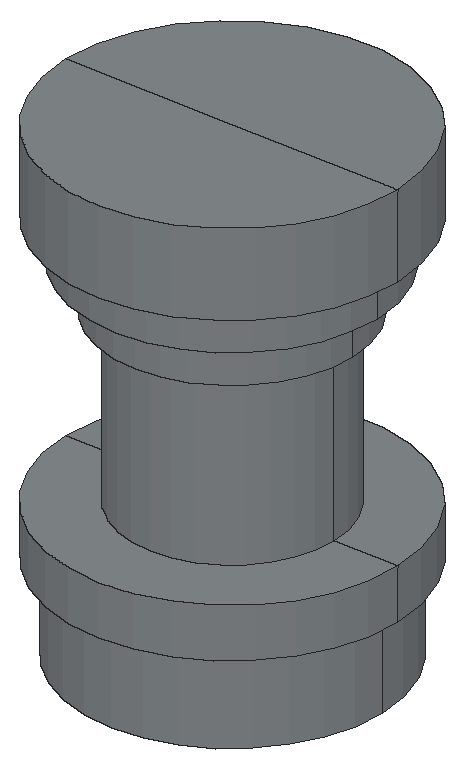
Revit family "Valve Union Adaptor-JCI_Sapphire_Plus-(70bar)Novec1230", category Specialty Equipment, Revit 2017
Family settings
  Round Connector Dimension = Use Diameter
  Part Type = Normal
  OmniClass Number = 23.29.33.13.11
  Work Plane-Based = No
  Always vertical = No
  Cut with Voids When Loaded = No
  Shared = No
  Room Calculation Point = No
Parameters (values of type "50mm Valve Union Adaptor")
  Weight = 2.60 lbf
  Union Adaptor Size = 50
  Height [instance] = size_lookup(Unit Assembly, "Height", 1000.0 mm, Union Adaptor Size)  # 100.0 mm
  Unit Assembly = "Sapphire Plus_Valve Union Adapt"  # constant formula
  URL = "http://www.sapphireplus.com"
  Product Page URL = "http://www.sapphireplus.com"
  Product Material = "JCI - Iron - Gray"  # constant formula
  Product Documentation Link = "http://www.sapphireplus.com"
  Pipe Diameter [instance] = size_lookup(Unit Assembly, "Pipe Diameter", 1000.0 mm, Union Adaptor Size)  # 50.0 mm
  Part Number [instance] = Model  # "309002017"
  Part Description [instance] = Description  # "50mm Valve Union Adaptor"
  Operating Temperature = 122 °F  # constant formula
  Model Disclaimer = "For More Information Contact JOHNSON CONTROLS"  # constant formula
  Model = "309002017"
  Width [instance] = size_lookup(Unit Assembly, "Width", 1000.0 mm, Union Adaptor Size)  # 36.1 mm
  Material = JCI - Iron - Gray
  Manufacturer = "Johnson Controls, Inc."  # constant formula
  Fire Suppression Agent = "''3M Novec'' 1230 Fire Protection Fluid"  # constant formula
  Family Version = "1.0"  # constant formula
  Equipment Number [instance] = "--"  # constant formula
  Equipment Abbreviation = ""
  Discharge Flow = 0 GPM
  Description = if(Union Adaptor Size = 25, "25mm Valve Union Adaptor", "50mm Valve Union Adaptor")  # "50mm Valve Union Adaptor"
  Date Modified = "YYYY/MM/DD"  # constant formula
  Date Created = "2018/09/18"  # constant formula
  Copyright © = "Copyright © 2001-2018 Johnson Controls Inc."  # constant formula
  Diameter [instance] = size_lookup(Unit Assembly, "Diameter", 1000.0 mm, Union Adaptor Size)  # 35.0 mm
Types (2, lengths in mm): name | Weight | Union Adaptor Size | Height | Pipe Diameter | Part Number | Part Description | Model | Width | Description | Diameter
  25mm Valve Union Adaptor | 0.84 lbf | 25 | 75.0 | 25.0 | "309002016" | "25mm Valve Union Adaptor" | "309002016" | 11.1 | "25mm Valve Union Adaptor" | 20.5
  50mm Valve Union Adaptor | 2.60 lbf | 50 | 100.0 | 50.0 | "309002017" | "50mm Valve Union Adaptor" | "309002017" | 36.1 | "50mm Valve Union Adaptor" | 35.0
Reference planes
  plane 1 "Center (Front/Back)": y = 0
  plane 2: z = 0
  plane 3 "Center (Left/Right)": x = 0
  plane 4 "Height": z = 100
Forms (mm)
  Revolve 1, solid, material "JCI - Iron - Gray" <- "Material"
    sketch origin (430, 0, 20) x (-1, 0, 0) y (0, 0, -1)
      loop
        line (430, 20) -> (430, -80) -> (465, -80) -> (465, -62.635) -> (460.629, -62.635) -> (460.629, -54.145) -> (455.387, -54.145) -> (455.387, -45.022) -> (451.486, -45.022) -> (451.486, -8.922) -> (465, -8.922) -> (465, 1.575) -> (461.684, 1.575) -> (461.684, 20) -> (430, 20)
      axis (430, -80) -> (430, 20)
    angle from 0 to 360
Dimensions and locks
  "Height": plane 4 "Height" to level
  locked: Revolve 1 to Revolve 1 at 17.365
  locked: Revolve 1 to Revolve 1 at 8.49
  "Diameter": Revolve 1 sketch curve to Revolve 1 sketch curve
  locked: Revolve 1 sketch curve to Revolve 1 sketch curve at 3.316
  locked: Revolve 1 sketch curve to Revolve 1 sketch curve at 4.371
  locked: Revolve 1 sketch curve to Revolve 1 sketch curve at 3.901
  locked: Revolve 1 sketch curve to Revolve 1 sketch curve at 5.242
  Revolve 1 to Revolve 1 to Revolve 1 = 10.497 mm locked, 18.425 mm locked
  "Width": Revolve 1 to Revolve 1
  aligned and locked: level to plane 2
  aligned and locked: Revolve 1 to plane 4 "Height"
  aligned and locked: Revolve 1 to level
  aligned and locked: Revolve 1 sketch curve to Revolve 1 sketch curve
  aligned and locked: plane 1 "Center (Front/Back)" to Revolve 1  (x3)
  aligned and locked: plane 3 "Center (Left/Right)" to Revolve 1 sketch curve
Automatic sketch dimensions
  Revolve 1 sketch curve to plane 3 "Center (Left/Right)" = 0.0 mm
  Revolve 1 sketch curve to plane 4 "Height" = 0.0 mm
  Revolve 1 sketch curve to level = 0.0 mm
  Revolve 1 sketch curve to plane 4 "Height" = 17.365 mm
  Revolve 1 sketch curve to Revolve 1 sketch curve = 8.49 mm
  Revolve 1 sketch curve to Revolve 1 sketch curve = 9.123 mm
  Revolve 1 sketch curve to Revolve 1 sketch curve = 36.1 mm
  Revolve 1 sketch curve to Revolve 1 sketch curve = 10.497 mm
  Revolve 1 sketch curve to Revolve 1 sketch curve = 2.417 mm
  Revolve 1 sketch curve to Revolve 1 sketch curve = 5.614 mm
Connectors
  piping at (0, 0, 100), diameter 50, driven by "Pipe Diameter", driven by "Discharge Flow"
    settings: on Revolve 1, index 1, connector inside diameter 24", connector length 0.0 mm, flow factor 0, pipe flow 0 GPM, pressure drop 0.00 psi, fitting loss kfactor 0, connector angle 0.00°, fixture units 0, engagement length 0.0 mm, angle of deflection 0.00°, flow configuration 0, flow direction 0, fitting loss method 0, system type 26, joint type 0, gender type 0, connector reference index -1, connector utility 0, adjustable connector no, is connector primary yes, connector description ""
  piping at (0, 0, 0), diameter 50, driven by "Pipe Diameter", driven by "Discharge Flow"
    settings: on Revolve 1, index 2, connector inside diameter 24", connector length 0.0 mm, flow factor 0, pipe flow 0 GPM, pressure drop 0.00 psi, fitting loss kfactor 0, connector angle 0.00°, fixture units 0, engagement length 0.0 mm, angle of deflection 0.00°, flow configuration 0, flow direction 0, fitting loss method 0, system type 26, joint type 0, gender type 0, connector reference index -1, connector utility 0, adjustable connector no, is connector primary no, connector description ""
